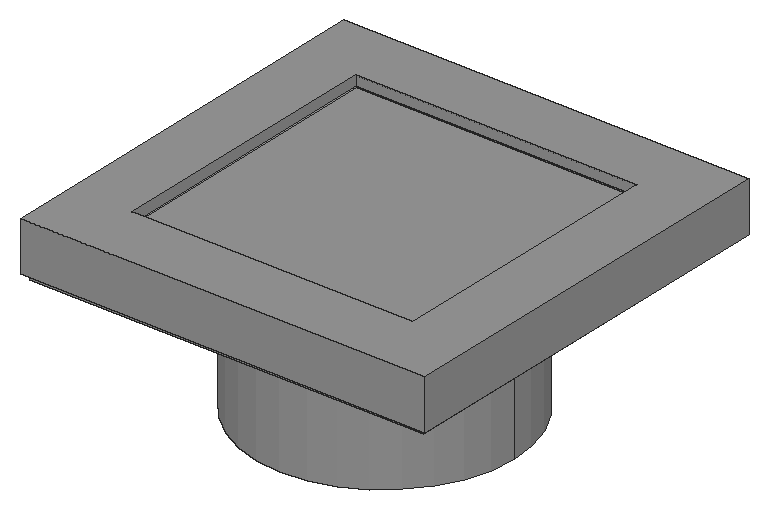
Revit family "Gira_228226", category Electrical Fixtures, host Face, Revit 2017
Family settings
  Host = Face
  Maintain Annotation Orientation = Yes
  Round Connector Dimension = Use Diameter
  Part Type = Normal
  Cut with Voids When Loaded = No
  Shared = No
  Room Calculation Point = No
Parameters (values of type "Speaker RDS FM radio System 55 c.alum.")
  White [instance] = White
  URL = "http://katalog.gira.de/en/datenblatt.html?artikelnr=228226"
  Type of fastening = "Mounting with claw and screw"
  Surface protection = "Other"
  Surface finishing = "Glossy"
  Name = "Speaker RDS FM radio System 55 c.alum."
  Mounting method = "Flush mounted (plaster)"
  Model = "Radio"
  Material quality = "Other"
  Material = "Other"
  Manufacturer URL = "https://www.gira.de/"
  Manufacturer = "Gira"
  HeinzeBIM = "https://bimportal.heinze.de/bim/speaker-rds-fm-radio-system-55-c-alum-/c4e4c63576227f06690fb303fa9624dba63480dd"
  Halogen free = "No"
  HAN = "228226"
  GTIN = "4010337076162"
  Description = "Spk.FM radio RDS Sys55 CAl,Speaker for the RDS flush-mounted radio,,colour aluminium,Features:,- Speaker for connection to the Gira RDS flush-mounted radio."
  Default Elevation = 1219.2 mm
  Data sheet (1) = "https://katalog.gira.de/en/download.html?artikelnr=228226"
  Colour = "Aluminium"
  Category = "Electronic insert for domestic switching devices"
  BIM (1) = "https://media.stage.bim.site/public/gira/36a6b08/Sys55_Komplettgerät_Schalten und Tasten.rfa?public/gira/36a6b08/Sys55_Komplettgerät_Schalten und Tasten.rfa"
  Available = "No"
  Assembly arrangement = "Basic element with housing top"
Reference planes
  plane 1 "Center (Front/Back)": y = 0
  plane 2: z = 0
  plane 3 "Center (Left/Right)": x = 0
Forms (mm)
  Extrusion 1, solid, material "White" <- "White", detail levels medium
    sketch origin (0, 0, 0) x (1, 0, 0) y (0, 1, 0)
      loop
        line (-40.4, 40.4) -> (-40.4, -40.4) -> (40.4, -40.4) -> (40.4, 40.4) -> (-40.4, 40.4)
      loop
        line (-28, 28) -> (-28, -28) -> (28, -28) -> (28, 28) -> (-28, 28)
    from 0 to 10
  Extrusion 2, solid, material "White" <- "White", detail levels fine
    sketch origin (0, 0, 0) x (1, 0, 0) y (0, 1, 0)
      loop
        line (-40.4, 40.4) -> (-40.4, -40.4) -> (40.4, -40.4) -> (40.4, 40.4) -> (-40.4, 40.4)
      loop
        line (-28, 28) -> (-28, -28) -> (28, -28) -> (28, 28) -> (-28, 28)
    from 0 to 10
  Extrusion 3, void
    sketch origin (0, 0, 0) x (1, 0, 0) y (0, 1, 0)
      loop
        line (-38.4, 38.4) -> (-38.4, -38.4) -> (38.4, -38.4) -> (38.4, 38.4) -> (-38.4, 38.4)
    from 0 to 8
  Extrusion 4, solid, material "White" <- "White", detail levels medium+fine
    sketch origin (0, 0, 0) x (1, 0, 0) y (0, 1, 0)
      loop
        line (-39.4, 39.4) -> (-39.4, -39.4) -> (39.4, -39.4) -> (39.4, 39.4) -> (-39.4, 39.4)
    from 0 to -1
  Extrusion 5, solid, material "White" <- "White", detail levels medium+fine
    sketch origin (0, 0, 0) x (1, 0, 0) y (0, 1, 0)
      loop
        line (-35.5, 35.5) -> (-35.5, -35.5) -> (35.5, -35.5) -> (35.5, 35.5) -> (-35.5, 35.5)
    from -2 to -3
  Extrusion 6, solid, material "White" <- "White", detail levels medium+fine
    sketch origin (0, 0, 0) x (1, 0, 0) y (0, 1, 0)
      loop
        circle (0, 0) r 26
    from 0 to -27.5
  Extrusion 7, solid, material "White" <- "White", detail levels coarse
    sketch origin (0, 0, 0) x (1, 0, 0) y (0, 1, 0)
      loop
        line (-40.4, 40.4) -> (-40.4, -40.4) -> (40.4, -40.4) -> (40.4, 40.4) -> (-40.4, 40.4)
    from -27.5 to 10
Cuts and joins
  Extrusion 3 cuts Extrusion 2
Dimensions and locks
  aligned and locked: plane 2 to host face
  aligned and locked: level to host face
  aligned and locked: plane 3 "Center (Left/Right)" to nested 2
  aligned and locked: plane 1 "Center (Front/Back)" to nested 2
Nested families
  nested 1: "Sys55_Abdeckung_Schalten und Tasten_floor_base" at (0, 0, 0), type "Sys55_Abdeckung_Schalten und Tasten_floor_base"
  nested 2: "Schalter" at (0, 0, 0), type "Schalter"
Connectors
  electrical at (0, 0, -27.5)
    settings: on Extrusion 6, index 1, voltage 220 V, apparent load 0 VA, apparent load phase1 0 VA, apparent load phase2 0 VA, apparent load phase3 0 VA, power factor 1, load classification "Other", number of poles 1, system type 30, power factor state 1, is connector primary yes, connector utility no, sub classification motor no, connector description ""
Definition of nested family "Sys55_Abdeckung_Schalten und Tasten_floor_base"
  Parameters
    Default Elevation = 1219.2 mm
    White [instance] = none
  Reference planes
    plane 1 "Center (Front/Back)": y = 0
    plane 2: z = 0
    plane 3 "Center (Left/Right)": x = 0
  Forms (mm)
    Extrusion 1, solid
      sketch origin (0, 0, 0) x (1, 0, 0) y (0, 1, 0)
        loop
          line (-1219.2, 1219.2) -> (-1219.2, -1219.2) -> (1219.2, -1219.2) -> (1219.2, 1219.2) -> (-1219.2, 1219.2)
      from 0 to -304.8
    Extrusion 2, solid, material <- "White", detail levels fine
      sketch origin (0, 0, 0) x (1, 0, 0) y (0, 1, 0)
        loop
          line (-27.5, 27.5) -> (-27.5, -27.5) -> (27.5, -27.5) -> (27.5, 27.5) -> (-27.5, 27.5)
      from 0 to 8
    Extrusion 3, void
      sketch origin (0, 0, 0) x (1, 0, 0) y (0, 1, 0)
        loop
          line (26, 26) -> (-26, 26) -> (-26, -26) -> (26, -26) -> (26, 26)
      from 0 to 6
    Extrusion 4, solid, material <- "White", detail levels medium
      sketch origin (0, 0, 0) x (1, 0, 0) y (0, 1, 0)
        loop
          line (-27.5, 27.5) -> (-27.5, -27.5) -> (27.5, -27.5) -> (27.5, 27.5) -> (-27.5, 27.5)
      from 0 to 8
    Extrusion 5, solid, material <- "White", detail levels medium
      sketch origin (0, 0, 0) x (1, 0, 0) y (0, 1, 0)
        loop
          line (11, -17.5) -> (11, 17.5) -> (-11, 17.5) -> (-11, -17.5) -> (11, -17.5)
      from -6 to 6
    Extrusion 6, solid, material <- "White", detail levels fine
      sketch origin (0, 0, 0) x (1, 0, 0) y (0, 1, 0)
        loop
          line (11, 17.5) -> (-11, 17.5) -> (-11, 16.5) -> (11, 16.5) -> (11, 17.5)
        loop
          line (-11, -16.5) -> (-11, -17.5) -> (11, -17.5) -> (11, -16.5) -> (-11, -16.5)
      from -4 to 6
    Extrusion 7, solid, material <- "White", detail levels fine
      sketch origin (0, 0, 0) x (1, 0, 0) y (0, 1, 0)
        loop
          arc (5, 9.347) -> (0, 10.6) -> (-5, 9.347) r 10.6
          line (-5, 9.347) -> (-5, -9.347)
          arc (-5, -9.347) -> (0, -10.6) -> (5, -9.347) r 10.6
          line (5, -9.347) -> (5, 9.347)
      from -6 to 6
    Extrusion 8, solid, material <- "White", detail levels coarse
      sketch origin (0, 0, 0) x (1, 0, 0) y (0, 1, 0)
        loop
          line (-27.5, 27.5) -> (-27.5, -27.5) -> (27.5, -27.5) -> (27.5, 27.5) -> (-27.5, 27.5)
      from -6 to 8
  Cuts and joins
    Extrusion 3 cuts Extrusion 2
  Dimensions and locks
    aligned and locked: plane 2 to Extrusion 1
    aligned and locked: level to Extrusion 1
Definition of nested family "Schalter"
  Reference planes
    plane 1: y = 0
    plane 2: x = 0
  Lines and regions (mm)
    detail lines
      curve 1: circle (1.375, 2.778, 0) r 0.8 normal (0, 0, 1)
      curve 2: line (1.021, 2.061, 0) -> (0, 0, 0)
      curve 3: line (0, 0, 0) -> (-0.538, 0.266, 0)
  Dimensions and locks
    curve 2 to curve 2 = 2.3 mm
    curve 3 to curve 2 = 0.6 mm
    radius of curve 1 = 0.8 mm
